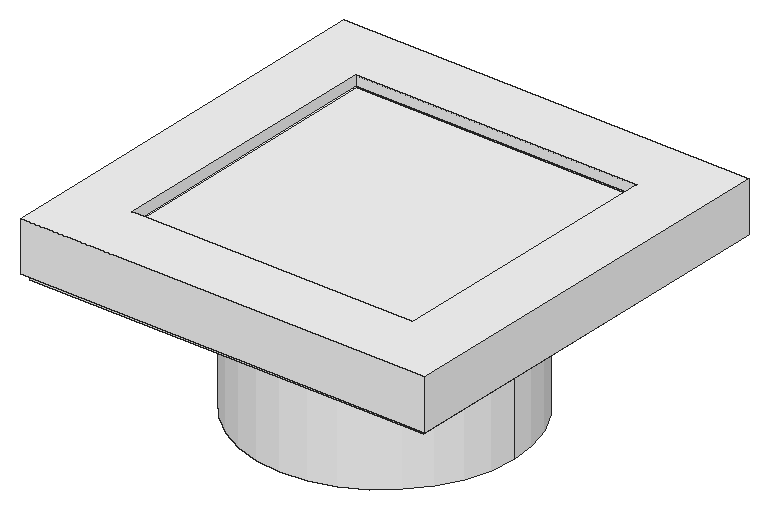
Revit family "Gira_014001", category Electrical Fixtures, host Face, Revit 2017
Family settings
  Host = Face
  Maintain Annotation Orientation = Yes
  Round Connector Dimension = Use Diameter
  Part Type = Normal
  Cut with Voids When Loaded = No
  Shared = No
  Room Calculation Point = No
Parameters (values of type "Hotel-card btn 2-way m-c (ill.) in.sp. System 55 cr.white")
  With lighting = "No"
  White [instance] = White
  URL = "http://katalog.gira.de/en/datenblatt.html?artikelnr=014001"
  Type of fastening = "Mounting with claw and screw"
  Transparent = "No"
  Surface protection = "Other"
  Surface finishing = "Glossy"
  Suitable for degree of protection (IP) = "IP20"
  Rated current = "10"
  RAL-number (akin) = "1013"
  Number of rockers = "1"
  Nominal voltage = "250"
  Name = "Hotel-card btn 2-way m-c (ill.) in.sp. System 55 cr.white"
  Mounting method = "Flush mounted (plaster)"
  Model = "Single push button"
  Method of operation = "Hotel card"
  Material quality = "Thermoplastic"
  Material = "Plastic"
  Manufacturer URL = "https://www.gira.de/"
  Manufacturer = "Gira"
  Label space/information surface = "Yes"
  Imprint = "None"
  HeinzeBIM = "https://bimportal.heinze.de/bim/hotel-card-btn-2-way-m-c-ill-in-sp-system-55-cr-white/9eb48d66418093cc790e6075cf91cc0a0d39ca1c"
  Halogen free = "Yes"
  HAN = "014001"
  GTIN = "4010337140016"
  Feedback-signal contact = "No"
  Description = "Hotel-crd 2-w m-c cbi in.sp. Sys55 CW,Hotel-card button 10 AX 250 V~ can be illuminated with inscription space,2-way momentary-contact, 1-pole,cream white glossy,Features:,- Applications of the hotel-card button with disassembly safeguard include performing security and energy-saving functions.,- When the hotel card is removed, any devices which are still switched on are deactivated.,- The electric circuit via the push button is only activated when the card has been inserted.,,Notes :,- Further versions are available upon request."
  Default Elevation = 1219.2 mm
  Data sheet (1) = "https://katalog.gira.de/en/download.html?artikelnr=014001"
  Contacts = "1 change-over contact"
  Colour = "Cream white (electro white)"
  Category = "Push-switch button"
  BIM (1) = "https://media.stage.bim.site/public/gira/36a6b08/Sys55_Komplettgerät_Schalten und Tasten.rfa?public/gira/36a6b08/Sys55_Komplettgerät_Schalten und Tasten.rfa"
  Available = "No"
  Assembly arrangement = "Basic element with central cover plate"
Reference planes
  plane 1 "Center (Front/Back)": y = 0
  plane 2: z = 0
  plane 3 "Center (Left/Right)": x = 0
Forms (mm)
  Extrusion 1, solid, material "White" <- "White", detail levels medium
    sketch origin (0, 0, 0) x (1, 0, 0) y (0, 1, 0)
      loop
        line (-40.4, 40.4) -> (-40.4, -40.4) -> (40.4, -40.4) -> (40.4, 40.4) -> (-40.4, 40.4)
      loop
        line (-28, 28) -> (-28, -28) -> (28, -28) -> (28, 28) -> (-28, 28)
    from 0 to 10
  Extrusion 2, solid, material "White" <- "White", detail levels fine
    sketch origin (0, 0, 0) x (1, 0, 0) y (0, 1, 0)
      loop
        line (-40.4, 40.4) -> (-40.4, -40.4) -> (40.4, -40.4) -> (40.4, 40.4) -> (-40.4, 40.4)
      loop
        line (-28, 28) -> (-28, -28) -> (28, -28) -> (28, 28) -> (-28, 28)
    from 0 to 10
  Extrusion 3, void
    sketch origin (0, 0, 0) x (1, 0, 0) y (0, 1, 0)
      loop
        line (-38.4, 38.4) -> (-38.4, -38.4) -> (38.4, -38.4) -> (38.4, 38.4) -> (-38.4, 38.4)
    from 0 to 8
  Extrusion 4, solid, material "White" <- "White", detail levels medium+fine
    sketch origin (0, 0, 0) x (1, 0, 0) y (0, 1, 0)
      loop
        line (-39.4, 39.4) -> (-39.4, -39.4) -> (39.4, -39.4) -> (39.4, 39.4) -> (-39.4, 39.4)
    from 0 to -1
  Extrusion 5, solid, material "White" <- "White", detail levels medium+fine
    sketch origin (0, 0, 0) x (1, 0, 0) y (0, 1, 0)
      loop
        line (-35.5, 35.5) -> (-35.5, -35.5) -> (35.5, -35.5) -> (35.5, 35.5) -> (-35.5, 35.5)
    from -2 to -3
  Extrusion 6, solid, material "White" <- "White", detail levels medium+fine
    sketch origin (0, 0, 0) x (1, 0, 0) y (0, 1, 0)
      loop
        circle (0, 0) r 26
    from 0 to -27.5
  Extrusion 7, solid, material "White" <- "White", detail levels coarse
    sketch origin (0, 0, 0) x (1, 0, 0) y (0, 1, 0)
      loop
        line (-40.4, 40.4) -> (-40.4, -40.4) -> (40.4, -40.4) -> (40.4, 40.4) -> (-40.4, 40.4)
    from -27.5 to 10
Cuts and joins
  Extrusion 3 cuts Extrusion 2
Dimensions and locks
  aligned and locked: plane 2 to host face
  aligned and locked: level to host face
  aligned and locked: plane 3 "Center (Left/Right)" to nested 2
  aligned and locked: plane 1 "Center (Front/Back)" to nested 2
Nested families
  nested 1: "Sys55_Abdeckung_Schalten und Tasten_floor_base" at (0, 0, 0), type "Sys55_Abdeckung_Schalten und Tasten_floor_base"
  nested 2: "Schalter" at (0, 0, 0), type "Schalter"
Connectors
  electrical at (0, 0, -27.5)
    settings: on Extrusion 6, index 1, voltage 220 V, apparent load 0 VA, apparent load phase1 0 VA, apparent load phase2 0 VA, apparent load phase3 0 VA, power factor 1, load classification "Other", number of poles 1, system type 30, power factor state 1, is connector primary yes, connector utility no, sub classification motor no, connector description ""
Definition of nested family "Sys55_Abdeckung_Schalten und Tasten_floor_base"
  Parameters
    Default Elevation = 1219.2 mm
    White [instance] = none
  Reference planes
    plane 1 "Center (Front/Back)": y = 0
    plane 2: z = 0
    plane 3 "Center (Left/Right)": x = 0
  Forms (mm)
    Extrusion 1, solid
      sketch origin (0, 0, 0) x (1, 0, 0) y (0, 1, 0)
        loop
          line (-1219.2, 1219.2) -> (-1219.2, -1219.2) -> (1219.2, -1219.2) -> (1219.2, 1219.2) -> (-1219.2, 1219.2)
      from 0 to -304.8
    Extrusion 2, solid, material <- "White", detail levels fine
      sketch origin (0, 0, 0) x (1, 0, 0) y (0, 1, 0)
        loop
          line (-27.5, 27.5) -> (-27.5, -27.5) -> (27.5, -27.5) -> (27.5, 27.5) -> (-27.5, 27.5)
      from 0 to 8
    Extrusion 3, void
      sketch origin (0, 0, 0) x (1, 0, 0) y (0, 1, 0)
        loop
          line (26, 26) -> (-26, 26) -> (-26, -26) -> (26, -26) -> (26, 26)
      from 0 to 6
    Extrusion 4, solid, material <- "White", detail levels medium
      sketch origin (0, 0, 0) x (1, 0, 0) y (0, 1, 0)
        loop
          line (-27.5, 27.5) -> (-27.5, -27.5) -> (27.5, -27.5) -> (27.5, 27.5) -> (-27.5, 27.5)
      from 0 to 8
    Extrusion 5, solid, material <- "White", detail levels medium
      sketch origin (0, 0, 0) x (1, 0, 0) y (0, 1, 0)
        loop
          line (11, -17.5) -> (11, 17.5) -> (-11, 17.5) -> (-11, -17.5) -> (11, -17.5)
      from -6 to 6
    Extrusion 6, solid, material <- "White", detail levels fine
      sketch origin (0, 0, 0) x (1, 0, 0) y (0, 1, 0)
        loop
          line (11, 17.5) -> (-11, 17.5) -> (-11, 16.5) -> (11, 16.5) -> (11, 17.5)
        loop
          line (-11, -16.5) -> (-11, -17.5) -> (11, -17.5) -> (11, -16.5) -> (-11, -16.5)
      from -4 to 6
    Extrusion 7, solid, material <- "White", detail levels fine
      sketch origin (0, 0, 0) x (1, 0, 0) y (0, 1, 0)
        loop
          arc (5, 9.347) -> (0, 10.6) -> (-5, 9.347) r 10.6
          line (-5, 9.347) -> (-5, -9.347)
          arc (-5, -9.347) -> (0, -10.6) -> (5, -9.347) r 10.6
          line (5, -9.347) -> (5, 9.347)
      from -6 to 6
    Extrusion 8, solid, material <- "White", detail levels coarse
      sketch origin (0, 0, 0) x (1, 0, 0) y (0, 1, 0)
        loop
          line (-27.5, 27.5) -> (-27.5, -27.5) -> (27.5, -27.5) -> (27.5, 27.5) -> (-27.5, 27.5)
      from -6 to 8
  Cuts and joins
    Extrusion 3 cuts Extrusion 2
  Dimensions and locks
    aligned and locked: plane 2 to Extrusion 1
    aligned and locked: level to Extrusion 1
Definition of nested family "Schalter"
  Reference planes
    plane 1: y = 0
    plane 2: x = 0
  Lines and regions (mm)
    detail lines
      curve 1: circle (1.375, 2.778, 0) r 0.8 normal (0, 0, 1)
      curve 2: line (1.021, 2.061, 0) -> (0, 0, 0)
      curve 3: line (0, 0, 0) -> (-0.538, 0.266, 0)
  Dimensions and locks
    curve 2 to curve 2 = 2.3 mm
    curve 3 to curve 2 = 0.6 mm
    radius of curve 1 = 0.8 mm
